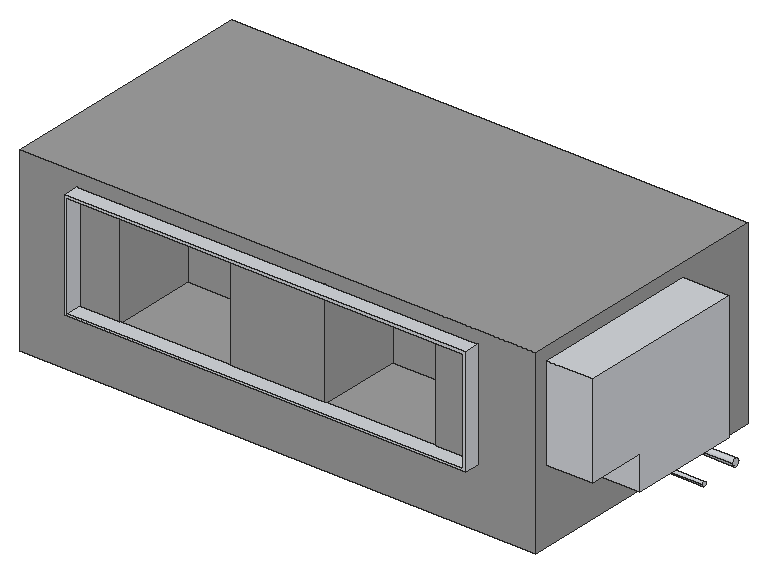
Revit family "Trane_TVR_Indoor_High static pressure_4TVA0048(55)EF000AA(2nd DC)", category Equipamento mecânico, Revit 2019
Family settings
  Cota do conector redondo = Utilizar diâmetro
  Tipo de parte = Normal
  Número OmniClass = 23.75.00.00
  Título OmniClass = Climate Control (HVAC)
  Com base no plano de trabalho = Não
  Sempre na vertical = Sim
  Corte com vazios quando carregada = Não
  Compartilhado = Não
  Ponto de cálculo do ambiente = Não
Parameters (values of type "4TVA0048EF000AA")
  clearance access right = 600.000 mm
  clearance access left = 600.000 mm
  clearance access front = 500.000 mm
  clearance access behind = 600.000 mm
  clearance [instance] = no
  Width = 1322.000 mm
  URL = "https://www.trane.com/commercial/latin-america/br/pt.html"
  Series = "ULTRA"
  Power supply = "220-240V ~50/60Hz"
  Net Weight = 68.00 kg
  Modelo = "4TVA0048EF000AA"
  Minimum Circuit Amps = 3.5 A
  Maximum Fuse Amps = 15 A
  Fabricante = "TRANE"
  Liquid pipe = 9.530 mm
  Installation = "Indoor installation"
  Height = 423.000 mm
  Heating Power Input = 480.000 W
  Heating Capacity = 16.00 kW
  Gas pipe = 15.900 mm
  Gas = "R410a"
  Descrição = "High efficiency air cooled"
  Depth = 691.000 mm
  Cooling Power Input = 480.000 W
  Cooling Capacity = 14.00 kW
  Condensation = "air"
  Air  Flow = "2240/2133/2027/1920/1813/1707/1600 m3/h"
Types (3, lengths in mm): name | Modelo | Heating Capacity | Cooling Capacity | Air  Flow
  (no name) | "4TVA0048EF000AA" | 16.00 kW | 14.00 kW | "2240/2133/2027/1920/1813/1707/1600 m3/h"
  4TVA0048EF000AA | "4TVA0048EF000AA" | 16.00 kW | 14.00 kW | "2240/2133/2027/1920/1813/1707/1600 m3/h"
  4TVA0055EF000AA | "4TVA0055EF000AA" | 17.00 kW | 16.00 kW | "2660/2530/2400/2270/2140/2010/1880 m3/h"
Reference planes
  plane 1 "Center (Front/Back)": y = 0
  plane 2: z = 0
  plane 3 "Center (Left/Right)": x = 0
  plane 4: x = -606
  plane 5: z = 423
  plane 6: y = -502.073
  plane 7: y = 188.927
  plane 8: x = 716
  plane 9: x = 716
Forms (mm)
  Extrusion 1, solid, material "Default"
    sketch origin (0, 0, 0) x (1, 0, 0) y (0, 1, 0)
      loop
        line (-606, 158.927) -> (-606, -464.5) -> (606, -464.5) -> (606, 158.927) -> (-606, 158.927)
    from 0 to 423
  Extrusion 2, void
    sketch origin (0, 0, 0) x (1, 0, 0) y (0, 0, 1)
      loop
        line (-371, 393) -> (-371, 140) -> (-111, 140) -> (-111, 393) -> (-371, 393)
      loop
        line (371, 140) -> (371, 393) -> (111, 393) -> (111, 140) -> (371, 140)
    from 265 to 464.5
  Extrusion 3, solid
    sketch origin (0, 0, 0) x (0, 1, 0) y (0, 0, 1)
      loop
        line (-434.5, 393) -> (-434.5, 173) -> (-294.5, 173) -> (-294.5, 93) -> (-34.5, 93) -> (-34.5, 393) -> (-434.5, 393)
    from 606 to 716
  Extrusion 4, solid
    sketch origin (0, 267.922, -232.901) x (0, 1, 0) y (0, 0, 1)
      loop
        circle (-374.345, 260.518) r 4.765
    from 606 to 716
  Extrusion 5, solid
    sketch origin (0, 360.525, -291.246) x (0, 1, 0) y (0, 0, 1)
      loop
        circle (-374.825, 323.782) r 7.95
    from 606 to 716
  Extrusion 6, solid
    sketch origin (0, 0, 0) x (1, 0, 0) y (0, 0, 1)
      loop
        line (-471, 393) -> (-471, 140) -> (471, 140) -> (471, 393) -> (-471, 393)
      loop
        line (-466, 388) -> (-466, 145) -> (466, 145) -> (466, 388) -> (-466, 388)
    from 464.5 to 502.073
  Extrusion 7, solid
    sketch origin (0, 0, 0) x (1, 0, 0) y (0, 0, 1)
      loop
        line (540, 381.77) -> (-525, 381.77) -> (-525, 41.77) -> (540, 41.77) -> (540, 381.77)
      loop
        line (535, 376.77) -> (-520, 376.77) -> (-520, 46.77) -> (535, 46.77) -> (535, 376.77)
    from -188.927 to -158.927
Cuts and joins
  Extrusion 2 cuts Extrusion 1
Dimensions and locks
  aligned and locked: level to plane 2
Connectors
  piping at (716, -106.423, 27.617), diameter 9.53
    settings: on Extrusion 4, index 2, connector inside diameter 0.3752", connector length 0.000 mm, flow factor 0, pipe flow 0 GPM, pressure drop 0.00 psi, fitting loss kfactor 0, connector angle 0.00°, fixture units 0, engagement length 0.000 mm, angle of deflection 0.00°, flow configuration 0, flow direction 0, fitting loss method 0, system type 29, joint type 0, gender type 0, connector reference index -1, connector utility 0, adjustable connector no, is connector primary yes, connector description "Liquid pipe"
  piping at (716, -14.3, 32.536), diameter 15.9
    settings: on Extrusion 5, index 3, connector inside diameter 0.62598", connector length 0.000 mm, flow factor 0, pipe flow 0 GPM, pressure drop 0.00 psi, fitting loss kfactor 0, connector angle 0.00°, fixture units 0, engagement length 0.000 mm, angle of deflection 0.00°, flow configuration 0, flow direction 0, fitting loss method 0, system type 29, joint type 0, gender type 0, connector reference index -1, connector utility 0, adjustable connector no, is connector primary no, connector description "Gas pipe"
  hvac at (0, -502.073, 266.5)
    settings: on Extrusion 6, index 4, duct flow 0.00 m³/h, flow factor 0, pres drop 0.00 in-wg, loss coef 0, conn angle 0.00°, conn width 36.69291", conn height 9.56693", conn diameter 24", duct sys type 1, conn prof type 1, flow config 0, flow direction 0, loss method 0, conn ref index -1, conn util no, is conn primary yes, conn desc ""
  hvac at (7.5, 188.927, 211.77)
    settings: on Extrusion 7, index 5, duct flow 0.00 m³/h, flow factor 0, pres drop 0.00 in-wg, loss coef 0, conn angle 0.00°, conn width 41.53543", conn height 12.99213", conn diameter 24", duct sys type 1, conn prof type 1, flow config 0, flow direction 0, loss method 0, conn ref index -1, conn util no, is conn primary no, conn desc ""
  electrical at (716, -254.5, 219.667)
    settings: on Extrusion 3, index 6, voltage 220 V, apparent load 0 VA, apparent load phase1 0 VA, apparent load phase2 0 VA, apparent load phase3 0 VA, power factor 1, load classification "Other", number of poles 1, system type 30, power factor state 1, is connector primary yes, connector utility no, sub classification motor no, connector description ""
